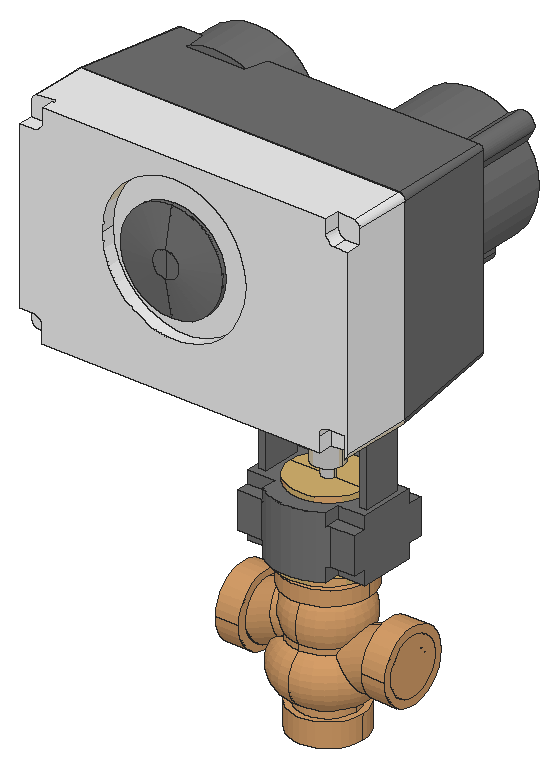
Revit family "VRB3_DN15-DN50_External_AMV(E) 25 SD(SU)_RFA_1", category Pipe Accessories, Revit 2019 (continued)
Definition of nested family "AMV(E) 25 SD(SU)_RFA"
  Automatic sketch dimensions
    Extrusion 9 sketch curve to plane 30 = 7.185 mm
    Extrusion 9 sketch curve to plane 30 = 4.327 mm
    plane 20 to Extrusion 9 sketch curve = 21.104 mm
    Extrusion 9 sketch curve to Extrusion 9 sketch curve = 5.284 mm
    Extrusion 9 sketch curve to Extrusion 9 sketch curve = 5.553 mm
    Extrusion 9 sketch curve to plane 27 = 4.91 mm
    Extrusion 9 sketch curve to Extrusion 9 sketch curve = 4.951 mm
    plane 27 to Extrusion 9 sketch curve = 2.533 mm
    Extrusion 10 sketch curve to plane 28 "2" = 0 mm
    Extrusion 10 sketch curve to level = 0 mm  (x2)
    plane 5 to Extrusion 10 sketch curve = 3 mm
    level to Extrusion 10 sketch curve = 6.656 mm  (x2)
    Extrusion 10 sketch curve to Extrusion 10 sketch curve = 5.8 mm  (x2)
    Extrusion 11 sketch curve to plane 28 "2" = 0 mm
    plane 5 to Extrusion 11 sketch curve = 3 mm
    Extrusion 11 sketch curve to plane 10 = 22.844 mm  (x2)
    Extrusion 11 sketch curve to Extrusion 11 sketch curve = 6.425 mm  (x2)
    Blend 12 sketch curve to plane 29 = 0 mm
    Blend 12 sketch curve to plane 30 = 0 mm
    plane 6 "1" to Blend 12 sketch curve = 1.5 mm  (x2)
    Blend 12 sketch curve to plane 30 = 0.247 mm
    plane 20 to Blend 12 sketch curve = 5.457 mm
    level to Blend 12 sketch curve = 84.555 mm
    Blend 12 sketch curve to plane 21 = 5.222 mm
    Blend 12 sketch curve to Blend 12 sketch curve = 0.085 mm
    plane 4 to Blend 12 sketch curve = 619.252 mm
    Blend 12 sketch curve to plane 29 = 0.303 mm
    Blend 12 sketch curve to level = 658.801 mm
    Extrusion 13 sketch curve to plane 24 = 33.5 mm
    Extrusion 17 sketch curve to Extrusion 17 sketch curve = 3.625 mm  (x2)
    Extrusion 3 sketch curve to plane 10 = 0 mm
    Extrusion 3 sketch curve to plane 6 "1" = 2.6 mm
    plane 9 to Extrusion 3 sketch curve = 7.33 mm
    Extrusion 2 sketch curve to plane 5 = 2.6 mm
    Extrusion 2 sketch curve to plane 9 = 7.33 mm
    Extrusion 18 sketch curve to plane 28 "2" = 3.009 mm
    Extrusion 18 sketch curve to Extrusion 18 sketch curve = 0.951 mm
    Extrusion 18 sketch curve to Extrusion 18 sketch curve = 1.055 mm
    Extrusion 18 sketch curve to Extrusion 18 sketch curve = 1.445 mm
    Extrusion 18 sketch curve to Extrusion 18 sketch curve = 0.402 mm
    Extrusion 18 sketch curve to plane 3 "Center (Left/Right)" = 6.897 mm
    Extrusion 18 sketch curve to plane 3 "Center (Left/Right)" = 6.61 mm
    Extrusion 18 sketch curve to plane 1 "Center (Front/Back)" = 0.001 mm
    Extrusion 18 sketch curve to plane 3 "Center (Left/Right)" = 0.134 mm  (x2)
    Extrusion 18 sketch curve to plane 32 = 4.657 mm
    Extrusion 18 sketch curve to plane 32 = 4.37 mm
    plane 5 to Extrusion 18 sketch curve = 4.552 mm
    plane 5 to Extrusion 18 sketch curve = 4.564 mm
    Extrusion 18 sketch curve to Extrusion 18 sketch curve = 0.564 mm
    Extrusion 18 sketch curve to Extrusion 18 sketch curve = 1.457 mm
    plane 1 "Center (Front/Back)" to Extrusion 18 sketch curve = 3.471 mm  (x2)
    Extrusion 18 sketch curve to plane 33 = 2.567 mm
    Extrusion 18 sketch curve to Extrusion 18 sketch curve = 0.794 mm
    Extrusion 18 sketch curve to plane 1 "Center (Front/Back)" = 3.471 mm  (x2)
    plane 14 to Extrusion 18 sketch curve = 6.947 mm
    Extrusion 18 sketch curve to Extrusion 18 sketch curve = 0.56 mm
    plane 3 "Center (Left/Right)" to Revolve 19 sketch curve = 1.999 mm
    Revolve 19 sketch curve to Revolve 19 sketch curve = 2.001 mm
    Revolve 19 sketch curve to plane 32 = 3 mm
    Revolve 19 sketch curve to Revolve 19 sketch curve = 2.124 mm
    Revolve 19 sketch curve to Revolve 19 sketch curve = 5.9 mm
    plane 10 to Revolve 19 sketch curve = 6.895 mm
    plane 20 to Revolve 19 sketch curve = 3.665 mm
    Extrusion 20 sketch curve to plane 1 "Center (Front/Back)" = 4.814 mm
    Extrusion 20 sketch curve to Extrusion 20 sketch curve = 0.56 mm
    plane 27 to Revolve 5 sketch curve = 6.181 mm
    plane 24 to Revolve 5 sketch curve = 1.625 mm
    Revolve 5 sketch curve to plane 21 = 16.422 mm
    Revolve 5 sketch curve to plane 24 = 5 mm
    plane 12 to Revolve 5 sketch curve = 23.677 mm
Definition of nested family "Schematic_3-Way Valve"
  Parameters (values of type "Schematic_3-Way Valve")
    L_1 = L / 3  # 60 mm
    L = 180 mm
    H1 = 100 mm
    H = 140 mm
    D1 = 110 mm
  Reference planes
    plane 1 "Center (Front/Back)": y = 0
    plane 2: z = 0
    plane 3 "Center (Left/Right)": x = 0
    plane 4: z = 55
    plane 5: z = -55
    plane 6: x = -90
    plane 7: x = 90
    plane 8: x = 55
    plane 9: x = -55
    plane 10: z = -100
    plane 11: y = -100
    plane 12: y = 55
    plane 13: y = -55
    plane 14: z = 140
    plane 15: z = 80
    plane 16: x = 30
    plane 17: x = -30
    plane 18: y = 140
    plane 19: y = 80
  Lines and regions (mm)
    model lines
      curve 1: line (0, 0, 0) -> (-55, 0, -100)
      curve 2: line (0, 0, 0) -> (55, 0, -100)
      curve 3: line (55, 0, -100) -> (-55, 0, -100)
      curve 4: line (0, 0, 0) -> (90, 0, 55)
      curve 5: line (90, 0, 55) -> (90, 0, -55)
      curve 6: line (90, 0, -55) -> (0, 0, 0)
      curve 7: line (0, 0, 0) -> (-90, 0, 55)
      curve 8: line (-90, 0, 55) -> (-90, 0, -55)
      curve 9: line (-90, 0, -55) -> (0, 0, 0)
      curve 19: line (0, 0, 80) -> (0, 0, 0)
      curve 20: line (-30, 0, 140) -> (30, 0, 140)
      curve 21: line (-30, 0, 80) -> (-30, 0, 140)
      curve 22: line (30, 0, 80) -> (-30, 0, 80)
      curve 23: line (30, 0, 140) -> (30, 0, 80)
    symbolic lines
      curve 10: line (0, 0, 0) -> (90, 55, 0)
      curve 11: line (90, 55, 0) -> (90, -55, 0)
      curve 12: line (90, -55, 0) -> (0, 0, 0)
      curve 13: line (0, 0, 0) -> (-90, 55, 0)
      curve 14: line (-90, 55, 0) -> (-90, -55, 0)
      curve 15: line (-90, -55, 0) -> (0, 0, 0)
      curve 16: line (0, 0, 0) -> (55, -100, 0)
      curve 17: line (55, -100, 0) -> (-55, -100, 0)
      curve 18: line (0, 0, 0) -> (-55, -100, 0)
      curve 24: line (-30, 140, 0) -> (30, 140, 0)
      curve 25: line (-30, 80, 0) -> (-30, 140, 0)
      curve 26: line (30, 80, 0) -> (-30, 80, 0)
      curve 27: line (30, 140, 0) -> (30, 80, 0)
      curve 28: line (0, 0, 0) -> (0, 80, 0)
  Dimensions and locks
    "D1": plane 4 to plane 5
    equal spacing: plane 4, level, plane 5
    "D1": plane 8 to plane 9
    equal spacing: plane 8, plane 3 "Center (Left/Right)", plane 9
    plane 9 to plane 8 = 110 mm
    equal spacing: plane 9, plane 3 "Center (Left/Right)", plane 8
    "D1": plane 13 to plane 12
    equal spacing: plane 13, plane 1 "Center (Front/Back)", plane 12
    "L_1": plane 14 to plane 15
    "H": plane 14 to level
    "L_1": plane 16 to plane 17
    equal spacing: plane 16, plane 3 "Center (Left/Right)", plane 17
    "H": plane 1 "Center (Front/Back)" to plane 18
    "L_1": plane 19 to plane 18
    equal spacing: plane 17, plane 3 "Center (Left/Right)", plane 16
    plane 17 to plane 16 = 60 mm
    equal spacing: plane 7, plane 3 "Center (Left/Right)", plane 6
    "L": plane 7 to plane 6
    "H1": plane 2 to plane 10
    "H1": plane 11 to plane 1 "Center (Front/Back)"
    aligned and locked: level to plane 2
    aligned and locked: plane 10 to curve 3
    aligned and locked: curve 5 to plane 7
    aligned and locked: curve 8 to plane 6
    aligned and locked: level to curve 19
    aligned and locked: curve 20 to plane 14
    aligned and locked: plane 17 to curve 21
    aligned and locked: curve 23 to plane 16
    aligned and locked: plane 19 to curve 28
    aligned and locked: plane 15 to curve 19
  Automatic sketch dimensions
    curve 13 to plane 6 = 0 mm
    curve 18 to plane 9 = 0 mm
    curve 26 to plane 17 = 0 mm
    plane 1 "Center (Front/Back)" to curve 15 = 0 mm
    curve 15 to plane 3 "Center (Left/Right)" = 0 mm
    curve 24 to plane 16 = 0 mm
    curve 16 to plane 8 = 0 mm
    curve 12 to plane 7 = 0 mm
    plane 11 to curve 17 = 0 mm
    plane 13 to curve 12 = 0 mm
    plane 13 to curve 15 = 0 mm
    plane 12 to curve 13 = 0 mm
    plane 12 to curve 11 = 0 mm
    plane 18 to curve 24 = 0 mm
    curve 3 to plane 9 = 0 mm
    curve 6 to plane 3 "Center (Left/Right)" = 0 mm
    curve 2 to plane 8 = 0 mm
    curve 6 to plane 5 = 0 mm
    curve 9 to plane 5 = 0 mm
    curve 5 to plane 4 = 0 mm
    curve 7 to plane 4 = 0 mm
Types (10, lengths in mm): name | Z1_ve | W2C | TL2 | R2_Flange | R1_Flange | Power | L | Ha | H_T2 | H_T1 | ZC | Z2 | Z1_1 | Z1 | Z05 | Z02 | Z01 | Z0 | Y5 | Y4 | Y2 | Y1 | Y01 | Y0 | X12__ve | X12 | X1 | Weight | W2T1 | W2T | W2B | W2A | W2 | W1 | V1 | TT | TL__ve | TL1__ve | TL1 | TL | T_HH | HH | H0 | TD | Stroke | R_Vertical Body | RT1 | RT0 | R_Flow Pipe | R | Model Type | Model | LM | LL | L0 | Kvs | H_Body Bottom | HT_Flow pipe | HH__ve | H_2 | H_Body Top | HB_Flow Pipe | H_5 | H1 | H_4 | H_1 | H | D2 | D1 | D01 | D | BY | Actuator Type | A2_Flow Pipe | A1_Flow pipe
  VRB3_DN32_External_Kvs16_065Z0158 | -20 | 34 | 2.5 | 17.5 | 30 | 14 VA | 112 | 226.5 | 5.5 | 6.5 | 4 | 16 | 28 | 27.5 | 3 | 2 | 2 | 1 | 3 | 2 | 27.7 | 11.5 | 1 | 1 | -17.4 | 17.4 | 8.7 | 1.95 kg | 15 | 15 | 21 | 16 | 13 | 24 | yes | 5 | -12.5 | -7 | 9 | 12.5 | 95.3 | 152.8 | 95.3 | 60 | "15 mm" | 25 | 27 | 25 | 23 | 25 | "VRB3_DN32_External_Kvs16" | "065Z0158" | 87 | 56 | 112 | 40.0 m³/h | 34 | 5 | -23.5 | 23.5 | 28.5 | 8 | 12 | 57.5 | 33 | 42 | 284 | 60 | 60 | 45 | 32 | 20 | AMV(E) 25 SD(SU)_RFA : AME 25 SD_082H3038 | 165.00° | 158.00°
  VRB3_DN25_External_Kvs10_065Z0157 | -18 | 28 | 1.5 | 13.5 | 24 | 14 VA | 95 | 221.5 | 5.5 | 7 | 6 | 9.184 | 25 | 23 | 6 | 2 | 2 | 1 | 3 | 1 | 22.173 | 9.184 | 2 | 1 | -15 | 15 | 7.5 | 1.21 kg | 11 | 9 | 15 | 11 | 13 | 21 | no | 5 | -12 | -5 | 9 | 12 | 90.8 | 140.3 | 90.8 | 48 | "10 mm" | 21 | 23 | 21 | 18 | 20.8 | "VRB3_DN25_External_Kvs10" | "065Z0157" | 75 | 47.5 | 95 | 10.0 m³/h | 30 | 6 | -23.5 | 23.5 | 26 | 6.314 | 12 | 49.5 | 29 | 37 | 271 | 48 | 48 | 33.6 | 25 | 14 | AMV(E) 25 SD(SU)_RFA : AME 25 SD_082H3038 | 158.00° | 158.00°
  VRB3_DN20_External_Kvs6.3_065Z0156 | -15 | 24 | 0 | 10.5 | 21 | 14 VA | 80 | 219.5 | 5.3 | 5.5 | 5 | 8.036 | 18 | 20.5 | 3 | 3 | 2 | 1 | 3 | 1 | 19.401 | 8.036 | 1 | 1 | -11.2 | 11.2 | 5.6 | 0.93 kg | 7.5 | 5.5 | 11 | 9 | 13 | 18 | no | 5 | -12 | -11.4 | 11.4 | 12 | 87.3 | 131.8 | 87.3 | 42 | "10 mm" | 15.5 | 20.5 | 18.5 | 15 | 17 | "VRB3_DN20_External_Kvs6.3" | "065Z0156" | 56 | 40 | 80 | 6.3 m³/h | 29 | 4 | -24.5 | 24.5 | 25 | 6.314 | 11 | 44.5 | 29 | 35 | 264 | 42 | 42 | 31.4 | 20 | 10.5 | AMV(E) 25 SD(SU)_RFA : AME 25 SD_082H3038 | 158.00° | 158.00°
  VRB3_DN15_External_Kvs2.5_065Z0154 | -13 | 23.5 | 0 | 7.5 | 16.6 | 14 VA | 80 | 215.5 | 5.3 | 7 | 5 | 6.314 | 19 | 16 | 5 | 4 | 2 | 1 | 3 | 1 | 15.244 | 6.314 | 1 | 1 | -11.6 | 11.6 | 5.8 | 0.70 kg | 7 | 5 | 10.5 | 6 | 13 | 17 | no | 5 | -11 | -9 | 9 | 11 | 84.8 | 124.3 | 84.8 | 33.2 | "10 mm" | 13.5 | 18.5 | 16.5 | 13 | 13.5 | "VRB3_DN15_External_Kvs2.5" | "065Z0154" | 58 | 40 | 80 | 2.5 m³/h | 25 | 5 | -23.5 | 23.5 | 23 | 6.314 | 11 | 39.5 | 25 | 31 | 255 | 33.2 | 33 | 25.1 | 15 | 10 | AMV(E) 25 SD(SU)_RFA : AME 25 SD_082H3038 | 158.00° | 158.00°
  VRB3_DN50_External_Kvs40_065Z0160 | -39 | 50 | 3 | 26 | 40.7 | 14 VA | 160 | 263.5 | 5.5 | 10.8 | 3 | 16 | 62 | 38 | 5 | 6 | 8 | 6 | 2 | 2 | 36 | 12.629 | 3 | 4 | -20.6 | 20.6 | 20 | 5.46 kg | 27.5 | 29.5 | 32 | 29 | 18 | 36 | yes | 6 | -14.5 | -24 | 10 | 14.5 | 136.8 | 219.3 | 136.8 | 81.4 | "15 mm" | 39.5 | 42 | 40 | 32 | 37 | "VRB3_DN50_External_Kvs40" | "065Z0160" | 131 | 80 | 160 | 40.0 m³/h | 44 | 7 | -28.5 | 28.5 | 46 | 6.314 | 17.5 | 82.5 | 42 | 79 | 346 | 81.4 | 80 | 49.2 | 50 | 29.5 | AMV(E) 25 SD(SU)_RFA : AME 25 SD_082H3038 | 168.00° | 165.00°
  VRB3_DN40_External_Kvs25_065Z0159 | -33 | 43 | 2 | 20.5 | 32.8 | 14 VA | 132 | 250.5 | 6 | 11 | 4 | 13 | 48 | 31 | 3 | 2 | 2 | 1 | 3 | 2 | 27.716 | 11.481 | 1 | 1 | -17.4 | 17.4 | 8.7 | 3.39 kg | 15 | 15 | 25 | 21 | 18 | 33 | yes | 5 | -12.5 | -14.5 | 14.5 | 12.5 | 124 | 199 | 124 | 65.6 | "15 mm" | 31 | 34.1 | 33 | 27 | 29 | "VRB3_DN40_External_Kvs25" | "065Z0159" | 107 | 66 | 132 | 25.0 m³/h | 40 | 6 | -23.5 | 23.5 | 40 | 10 | 12 | 75 | 33 | 66 | 325.5 | 65.6 | 66 | 45 | 40 | 20 | AMV(E) 25 SD(SU)_RFA : AME 25 SD_082H3038 | 161.00° | 163.00°
  VRB3_DN15_External_Kvs4.0_065Z0155 | -13 | 23.5 | 0 | 7.5 | 16.6 | 14 VA | 80 | 215.5 | 5.3 | 7 | 5 | 6.314 | 19 | 16 | 5 | 4 | 2 | 1 | 3 | 1 | 15.244 | 6.314 | 1 | 1 | -11.6 | 11.6 | 5.8 | 0.70 kg | 7 | 5 | 10.5 | 6 | 13 | 17 | no | 5 | -11 | -9 | 9 | 11 | 84.8 | 124.3 | 84.8 | 33.2 | "10 mm" | 13.5 | 18.5 | 16.5 | 13 | 13.5 | "VRB3_DN15_External_Kvs4.0" | "065Z0155" | 58 | 40 | 80 | 4.0 m³/h | 25 | 5 | -23.5 | 23.5 | 23 | 6.314 | 11 | 39.5 | 25 | 31 | 255 | 33.2 | 33 | 25.1 | 15 | 10 | AMV(E) 25 SD(SU)_RFA : AME 25 SD_082H3038 | 158.00° | 158.00°
  VRB3_DN15_External_Kvs1.6_065Z0153 | -13 | 23.5 | 0 | 7.5 | 16.6 | 14 VA | 80 | 215.5 | 5.3 | 7 | 5 | 6.314 | 19 | 16 | 5 | 4 | 2 | 1 | 3 | 1 | 15.244 | 6.314 | 1 | 1 | -11.6 | 11.6 | 5.8 | 0.70 kg | 7 | 5 | 10.5 | 6 | 13 | 17 | no | 5 | -11 | -9 | 9 | 11 | 84.8 | 124.3 | 84.8 | 33.2 | "10 mm" | 13.5 | 18.5 | 16.5 | 13 | 13.5 | "VRB3_DN15_External_Kvs1.6" | "065Z0153" | 58 | 40 | 80 | 1.6 m³/h | 25 | 5 | -23.5 | 23.5 | 23 | 6.314 | 11 | 39.5 | 25 | 31 | 255 | 33.2 | 33 | 25.1 | 15 | 10 | AMV(E) 25 SD(SU)_RFA : AME 25 SD_082H3038 | 158.00° | 158.00°
  VRB3_DN15_External_Kvs1.0_065Z0152 | -13 | 23.5 | 0 | 7.5 | 16.6 | 14 VA | 80 | 215.5 | 5.3 | 7 | 5 | 6.314 | 19 | 16 | 5 | 4 | 2 | 1 | 3 | 1 | 15.244 | 6.314 | 1 | 1 | -11.6 | 11.6 | 5.8 | 0.70 kg | 7 | 5 | 10.5 | 6 | 13 | 17 | no | 5 | -11 | -9 | 9 | 11 | 84.8 | 124.3 | 84.8 | 33.2 | "10 mm" | 13.5 | 18.5 | 16.5 | 13 | 13.5 | "VRB3_DN15_External_Kvs1.0" | "065Z0152" | 58 | 40 | 80 | 1.0 m³/h | 25 | 5 | -23.5 | 23.5 | 23 | 6.314 | 11 | 39.5 | 25 | 31 | 255 | 33.2 | 33 | 25.1 | 15 | 10 | AMV(E) 25 SD(SU)_RFA : AME 25 SD_082H3038 | 158.00° | 158.00°
  VRB3_DN15_External_Kvs0.63_065Z0151 | -13 | 23.5 | 0 | 7.5 | 16.6 | 12 VA | 80 | 215.5 | 5.3 | 7 | 5 | 6.314 | 19 | 16 | 5 | 4 | 2 | 1 | 3 | 1 | 15.244 | 6.314 | 1 | 1 | -11.6 | 11.6 | 5.8 | 0.70 kg | 7 | 5 | 10.5 | 6 | 13 | 17 | no | 5 | -11 | -9 | 9 | 11 | 84.8 | 124.3 | 84.8 | 33.2 | "10 mm" | 13.5 | 18.5 | 16.5 | 13 | 13.5 | "VRB3_DN15_External_Kvs0.63" | "065Z0151" | 58 | 40 | 80 | 0.63 m³/h | 25 | 5 | -23.5 | 23.5 | 23 | 6.314 | 11 | 39.5 | 25 | 31 | 255 | 33.2 | 33 | 25.1 | 15 | 10 | AMV(E) 25 SD(SU)_RFA : AMV 25 SD_24V_082H3036 | 158.00° | 158.00°
